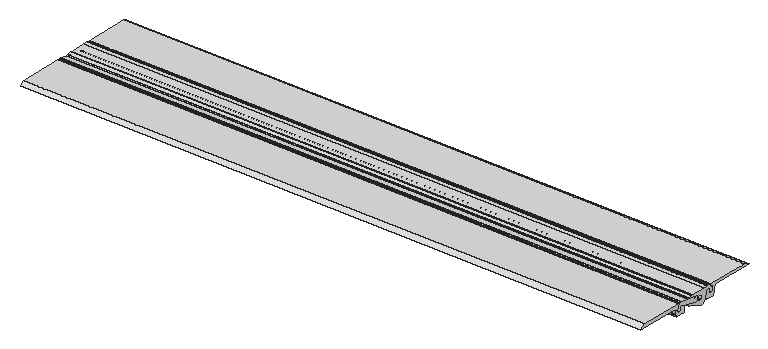
Revit family "Construction-Floors-Conecto-Aluminium Joints ALU AL.78.10", category Specialty Equipment, Revit 2015 (continued)
Definition of nested family "Rubber"
  Forms (mm)
    Extrusion 1, solid, material <- "PVC Material"
      sketch origin (0, 99.557, 5.899) x (0, 1, 0) y (0, 0, 1)
        loop
          line (-71.99, 1.148) -> (-72.284, 2.148) -> (-72.755, 3.089) -> (-73.343, 3.971) -> (-74.048, 4.735) -> (-74.872, 5.441) -> (-75.695, 6.029) -> (-76.636, 6.441) -> (-77.635, 6.794) -> (-78.635, 7.029) -> (-79.693, 7.088) -> (-85.868, 7.088) -> (-109.8, 7.088) -> (-112.799, 7.088) -> (-118.327, 6.088) -> (-119.094, 5.897) -> (-119.568, 5.126) -> (-118.856, 4.794) -> (-92.676, 0.226) -> (-91.986, -0.294) -> (-91.771, -1.097) -> (-92.652, -6.053) -> (-93.126, -6.874) -> (-93.865, -7.143) -> (-118.211, -2.782) -> (-117.948, -4.275) -> (-117.496, -5.244) -> (-116.885, -5.856) -> (-116.092, -6.143) -> (-94.943, -13.812) -> (-93.865, -14.081) -> (-92.983, -14.081) -> (-92.042, -14.081) -> (-91.16, -13.846) -> (-90.278, -13.552) -> (-89.455, -13.199) -> (-88.69, -12.67) -> (-88.043, -12.082) -> (-87.455, -11.376) -> (-86.926, -10.612) -> (-86.515, -9.789) -> (-86.221, -8.966) -> (-83.81, 0.149) -> (-83.376, 1.148) -> (-82.698, 2.097) -> (-81.385, 2.972) -> (-80.066, 3.265) -> (-78.639, 3.141) -> (-77.588, 2.694) -> (-76.778, 2.128) -> (-75.957, 1.037) -> (-75.598, -0.183) -> (-75.598, -1.598) -> (-75.874, -2.357) -> (-75.874, -3.145) -> (-75.086, -3.806) -> (-72.285, -3.312) -> (-71.889, -2.626) -> (-71.747, -1.821) -> (-71.696, -0.91) -> (-71.755, 0.09) -> (-71.99, 1.148)
      from 0 to 100
    Extrusion 2, solid, material <- "PVC Material"
      sketch origin (0, 99.557, 5.899) x (0, 1, 0) y (0, 0, 1)
        loop
          line (-102.817, -4.364) -> (-101.775, 1.512) -> (-102.48, 1.862) -> (-104.266, 2.144) -> (-104.389, 1.367) -> (-104.017, 0.637) -> (-104.427, -0.074) -> (-105.207, -0.327) -> (-105.98, -0.205) -> (-106.745, 0) -> (-107.333, 0.588) -> (-107.333, 1.606) -> (-106.469, 2.47) -> (-107.321, 2.621) -> (-131.878, 6.975) -> (-133.204, 7.088) -> (-134.262, 7.029) -> (-135.262, 6.794) -> (-136.262, 6.441) -> (-137.202, 6.029) -> (-138.084, 5.441) -> (-138.849, 4.735) -> (-139.554, 3.971) -> (-140.142, 3.089) -> (-140.613, 2.148) -> (-140.966, 1.148) -> (-141.142, 0.09) -> (-141.201, -0.91) -> (-141.142, -1.968) -> (-141.092, -2.863) -> (-140.319, -3.085) -> (-138.105, -3.577) -> (-137.328, -3.354) -> (-137.136, -2.582) -> (-137.355, -1.452) -> (-137.399, -0.659) -> (-137.259, 0.137) -> (-136.996, 0.945) -> (-136.566, 1.608) -> (-136.035, 2.218) -> (-135.37, 2.684) -> (-134.645, 3.038) -> (-133.851, 3.265) -> (-132.773, 3.265) -> (-132.001, 3.115) -> (-130.969, 2.677) -> (-124.649, -1.295) -> (-103.852, -4.955) -> (-102.958, -5.161) -> (-102.817, -4.364)
      from 0 to 100
  Dimensions and locks
    "Length": plane 3 "Center (Left/Right)" to plane 4
    aligned and locked: level to plane 2
    aligned and locked: Extrusion 1 to plane 4
    aligned and locked: Extrusion 2 to plane 4
  Automatic sketch dimensions
    level to Extrusion 1 sketch curve = 11.026 mm
    plane 1 "Center (Front/Back)" to Extrusion 1 sketch curve = 20.011 mm
    level to Extrusion 1 sketch curve = 11.796 mm
    Extrusion 1 sketch curve to Extrusion 1 sketch curve = 0.474 mm  (x2)
    level to Extrusion 1 sketch curve = 10.694 mm
    Extrusion 1 sketch curve to Extrusion 1 sketch curve = 0.712 mm
    level to Extrusion 1 sketch curve = 11.987 mm
    Extrusion 1 sketch curve to Extrusion 1 sketch curve = 0.767 mm
    level to Extrusion 1 sketch curve = 1.624 mm
    Extrusion 1 sketch curve to Extrusion 1 sketch curve = 0.908 mm
    level to Extrusion 1 sketch curve = 0.655 mm
    Extrusion 1 sketch curve to Extrusion 1 sketch curve = 0.452 mm
    level to Extrusion 1 sketch curve = 0.044 mm
    Extrusion 1 sketch curve to Extrusion 1 sketch curve = 0.612 mm
    Extrusion 1 sketch curve to level = 0.244 mm
    Extrusion 1 sketch curve to Extrusion 1 sketch curve = 0.792 mm
    level to Extrusion 1 sketch curve = 12.987 mm
    Extrusion 1 sketch curve to Extrusion 1 sketch curve = 5.527 mm
    Extrusion 1 sketch curve to Extrusion 1 sketch curve = 2.999 mm
    Extrusion 1 sketch curve to level = 7.912 mm
    Extrusion 1 sketch curve to Extrusion 1 sketch curve = 21.149 mm
    Extrusion 1 sketch curve to level = 8.182 mm
    Extrusion 1 sketch curve to Extrusion 1 sketch curve = 1.078 mm  (x2)
    Extrusion 1 sketch curve to level = 1.243 mm
    Extrusion 1 sketch curve to level = 0.974 mm
    Extrusion 1 sketch curve to Extrusion 1 sketch curve = 0.739 mm
    Extrusion 1 sketch curve to Extrusion 1 sketch curve = 0.882 mm  (x3)
    Extrusion 1 sketch curve to level = 0.153 mm
    Extrusion 1 sketch curve to Extrusion 1 sketch curve = 0.941 mm  (x2)
    level to Extrusion 1 sketch curve = 5.605 mm
    Extrusion 1 sketch curve to Extrusion 1 sketch curve = 0.666 mm
    level to Extrusion 1 sketch curve = 4.803 mm
    Extrusion 1 sketch curve to Extrusion 1 sketch curve = 0.215 mm
    Extrusion 1 sketch curve to level = 7.947 mm
    Extrusion 1 sketch curve to level = 7.653 mm
    Extrusion 1 sketch curve to level = 7.3 mm
    Extrusion 1 sketch curve to Extrusion 1 sketch curve = 0.823 mm  (x3)
    Extrusion 1 sketch curve to level = 6.771 mm
    Extrusion 1 sketch curve to Extrusion 1 sketch curve = 0.764 mm
    Extrusion 1 sketch curve to level = 6.183 mm
    Extrusion 1 sketch curve to Extrusion 1 sketch curve = 0.647 mm
    Extrusion 1 sketch curve to level = 5.477 mm
    Extrusion 1 sketch curve to Extrusion 1 sketch curve = 0.588 mm  (x2)
    Extrusion 1 sketch curve to level = 4.713 mm
    Extrusion 1 sketch curve to Extrusion 1 sketch curve = 0.529 mm
    Extrusion 1 sketch curve to level = 3.889 mm
    Extrusion 1 sketch curve to Extrusion 1 sketch curve = 0.412 mm
    Extrusion 1 sketch curve to level = 3.066 mm
    Extrusion 1 sketch curve to Extrusion 1 sketch curve = 0.294 mm  (x2)
    Extrusion 1 sketch curve to Extrusion 1 sketch curve = 6.118 mm
    level to Extrusion 1 sketch curve = 6.048 mm
    Extrusion 1 sketch curve to Extrusion 1 sketch curve = 2.058 mm
    level to Extrusion 1 sketch curve = 7.048 mm  (x2)
    Extrusion 1 sketch curve to Extrusion 1 sketch curve = 0.434 mm
    level to Extrusion 1 sketch curve = 7.996 mm
    Extrusion 1 sketch curve to Extrusion 1 sketch curve = 0.678 mm
    level to Extrusion 1 sketch curve = 8.872 mm
    Extrusion 1 sketch curve to Extrusion 1 sketch curve = 1.313 mm
    level to Extrusion 1 sketch curve = 9.165 mm
    Extrusion 1 sketch curve to Extrusion 1 sketch curve = 1.319 mm
    Extrusion 1 sketch curve to Extrusion 1 sketch curve = 0.373 mm
    level to Extrusion 1 sketch curve = 9.04 mm
    Extrusion 1 sketch curve to Extrusion 1 sketch curve = 1.427 mm
    level to Extrusion 1 sketch curve = 12.928 mm
    Extrusion 1 sketch curve to Extrusion 1 sketch curve = 1.058 mm
    level to Extrusion 1 sketch curve = 12.693 mm
    Extrusion 1 sketch curve to Extrusion 1 sketch curve = 1 mm  (x2)
    level to Extrusion 1 sketch curve = 8.594 mm
    Extrusion 1 sketch curve to Extrusion 1 sketch curve = 1.051 mm
    level to Extrusion 1 sketch curve = 8.027 mm
    Extrusion 1 sketch curve to Extrusion 1 sketch curve = 0.809 mm
    level to Extrusion 1 sketch curve = 12.34 mm
    level to Extrusion 1 sketch curve = 6.937 mm
    Extrusion 1 sketch curve to Extrusion 1 sketch curve = 0.822 mm
    Extrusion 1 sketch curve to Extrusion 1 sketch curve = 0.083 mm
    level to Extrusion 1 sketch curve = 11.929 mm
    level to Extrusion 1 sketch curve = 5.716 mm
    Extrusion 1 sketch curve to Extrusion 1 sketch curve = 0.359 mm
    level to Extrusion 1 sketch curve = 2.094 mm
    Extrusion 1 sketch curve to Extrusion 1 sketch curve = 0.788 mm  (x2)
    level to Extrusion 1 sketch curve = 11.341 mm
    level to Extrusion 1 sketch curve = 10.635 mm
    level to Extrusion 1 sketch curve = 9.87 mm
    Extrusion 1 sketch curve to Extrusion 1 sketch curve = 0.706 mm
    level to Extrusion 1 sketch curve = 8.988 mm
    level to Extrusion 1 sketch curve = 2.588 mm
    Extrusion 1 sketch curve to Extrusion 1 sketch curve = 2.801 mm
    level to Extrusion 1 sketch curve = 8.048 mm
    Extrusion 1 sketch curve to Extrusion 1 sketch curve = 0.47 mm
    level to Extrusion 1 sketch curve = 3.273 mm
    Extrusion 1 sketch curve to Extrusion 1 sketch curve = 0.396 mm
    level to Extrusion 1 sketch curve = 5.99 mm
    Extrusion 1 sketch curve to Extrusion 1 sketch curve = 0.235 mm
    level to Extrusion 1 sketch curve = 4.078 mm
    Extrusion 1 sketch curve to Extrusion 1 sketch curve = 0.142 mm
    level to Extrusion 1 sketch curve = 4.99 mm
    Extrusion 1 sketch curve to Extrusion 1 sketch curve = 0.051 mm
    Extrusion 1 sketch curve to Extrusion 1 sketch curve = 0.661 mm
    Extrusion 1 sketch curve to Extrusion 1 sketch curve = 0.759 mm
    level to Extrusion 1 sketch curve = 3.117 mm
    Extrusion 1 sketch curve to Extrusion 1 sketch curve = 0.263 mm
    level to Extrusion 1 sketch curve = 6.125 mm
    Extrusion 1 sketch curve to Extrusion 1 sketch curve = 0.69 mm
    level to Extrusion 2 sketch curve = 5.899 mm
    level to Extrusion 2 sketch curve = 4.99 mm
    plane 1 "Center (Front/Back)" to Extrusion 2 sketch curve = 41.644 mm
    level to Extrusion 2 sketch curve = 3.931 mm
    Extrusion 2 sketch curve to Extrusion 2 sketch curve = 0.059 mm  (x2)
    level to Extrusion 2 sketch curve = 5.99 mm
    level to Extrusion 2 sketch curve = 3.036 mm
    Extrusion 2 sketch curve to Extrusion 2 sketch curve = 0.05 mm
    level to Extrusion 2 sketch curve = 7.048 mm
    Extrusion 2 sketch curve to Extrusion 2 sketch curve = 0.176 mm
    level to Extrusion 2 sketch curve = 8.048 mm
    Extrusion 2 sketch curve to Extrusion 2 sketch curve = 0.353 mm
    level to Extrusion 2 sketch curve = 2.814 mm
    Extrusion 2 sketch curve to Extrusion 2 sketch curve = 0.773 mm  (x2)
    level to Extrusion 2 sketch curve = 8.988 mm
    Extrusion 2 sketch curve to Extrusion 2 sketch curve = 0.47 mm
    level to Extrusion 2 sketch curve = 9.87 mm
    Extrusion 2 sketch curve to Extrusion 2 sketch curve = 0.588 mm  (x2)
    level to Extrusion 2 sketch curve = 10.635 mm
    Extrusion 2 sketch curve to Extrusion 2 sketch curve = 0.706 mm  (x2)
    level to Extrusion 2 sketch curve = 2.322 mm
    Extrusion 2 sketch curve to Extrusion 2 sketch curve = 2.213 mm
    level to Extrusion 2 sketch curve = 11.341 mm
    Extrusion 2 sketch curve to Extrusion 2 sketch curve = 0.764 mm
    level to Extrusion 2 sketch curve = 5.24 mm
    level to Extrusion 2 sketch curve = 4.448 mm
    Extrusion 2 sketch curve to Extrusion 2 sketch curve = 0.044 mm
    level to Extrusion 2 sketch curve = 2.545 mm
    Extrusion 2 sketch curve to Extrusion 2 sketch curve = 0.777 mm
    level to Extrusion 2 sketch curve = 6.036 mm
    Extrusion 2 sketch curve to Extrusion 2 sketch curve = 0.14 mm  (x2)
    level to Extrusion 2 sketch curve = 11.929 mm
    Extrusion 2 sketch curve to Extrusion 2 sketch curve = 0.882 mm
    level to Extrusion 2 sketch curve = 3.317 mm
    Extrusion 2 sketch curve to Extrusion 2 sketch curve = 0.192 mm
    level to Extrusion 2 sketch curve = 6.844 mm
    Extrusion 2 sketch curve to Extrusion 2 sketch curve = 0.262 mm
    level to Extrusion 2 sketch curve = 7.508 mm
    Extrusion 2 sketch curve to Extrusion 2 sketch curve = 0.431 mm
    level to Extrusion 2 sketch curve = 12.34 mm
    Extrusion 2 sketch curve to Extrusion 2 sketch curve = 0.941 mm
    level to Extrusion 2 sketch curve = 8.118 mm
    Extrusion 2 sketch curve to Extrusion 2 sketch curve = 0.53 mm
    level to Extrusion 2 sketch curve = 8.583 mm
    Extrusion 2 sketch curve to Extrusion 2 sketch curve = 0.665 mm
    level to Extrusion 2 sketch curve = 12.693 mm
    Extrusion 2 sketch curve to Extrusion 2 sketch curve = 1 mm  (x2)
    level to Extrusion 2 sketch curve = 8.937 mm
    Extrusion 2 sketch curve to Extrusion 2 sketch curve = 0.726 mm
    level to Extrusion 2 sketch curve = 12.928 mm
    level to Extrusion 2 sketch curve = 9.165 mm
    Extrusion 2 sketch curve to Extrusion 2 sketch curve = 0.794 mm
    level to Extrusion 2 sketch curve = 12.987 mm
    Extrusion 2 sketch curve to Extrusion 2 sketch curve = 1.058 mm
    Extrusion 2 sketch curve to Extrusion 2 sketch curve = 1.078 mm
    level to Extrusion 2 sketch curve = 9.015 mm
    Extrusion 2 sketch curve to Extrusion 2 sketch curve = 0.772 mm
    level to Extrusion 2 sketch curve = 8.577 mm
    Extrusion 2 sketch curve to Extrusion 2 sketch curve = 1.032 mm
    level to Extrusion 2 sketch curve = 4.604 mm
    Extrusion 2 sketch curve to Extrusion 2 sketch curve = 6.32 mm
    level to Extrusion 2 sketch curve = 6.487 mm
    Extrusion 2 sketch curve to Extrusion 2 sketch curve = 17.317 mm
    level to Extrusion 2 sketch curve = 8.52 mm
    Extrusion 2 sketch curve to Extrusion 2 sketch curve = 0.011 mm
    level to Extrusion 2 sketch curve = 8.369 mm
    Extrusion 2 sketch curve to Extrusion 2 sketch curve = 0.852 mm
    level to Extrusion 2 sketch curve = 5.694 mm
    Extrusion 2 sketch curve to Extrusion 2 sketch curve = 0.765 mm
    level to Extrusion 2 sketch curve = 5.572 mm
    level to Extrusion 2 sketch curve = 5.826 mm
    Extrusion 2 sketch curve to Extrusion 2 sketch curve = 0.78 mm
    level to Extrusion 2 sketch curve = 7.266 mm
    Extrusion 2 sketch curve to Extrusion 2 sketch curve = 0.038 mm
    level to Extrusion 2 sketch curve = 8.043 mm
    Extrusion 2 sketch curve to Extrusion 2 sketch curve = 0.123 mm
    level to Extrusion 2 sketch curve = 6.536 mm
    Extrusion 2 sketch curve to Extrusion 2 sketch curve = 0.372 mm
    level to Extrusion 2 sketch curve = 0.944 mm
    Extrusion 2 sketch curve to Extrusion 2 sketch curve = 1.355 mm
    level to Extrusion 2 sketch curve = 0.738 mm
    Extrusion 2 sketch curve to Extrusion 2 sketch curve = 0.894 mm
    level to Extrusion 2 sketch curve = 1.536 mm
    level to Extrusion 2 sketch curve = 7.761 mm
    level to Extrusion 2 sketch curve = 7.411 mm
    Extrusion 2 sketch curve to Extrusion 2 sketch curve = 0.705 mm
    Extrusion 2 sketch curve to Extrusion 2 sketch curve = 1.015 mm
    level to Extrusion 2 sketch curve = 12.874 mm
    Extrusion 2 sketch curve to Extrusion 2 sketch curve = 1.326 mm
Types (20, lengths in mm): name | Rubber Level | N CV | N | Length (mm) | built-in parameter 1001306 | 97 CV | 97 | .87 CV | .87 | .77 CV | .77 | .62 | .52 CV | .52 | 42 CV | 42 | .30 CV | .30 | .22 | .15 CV | .15 | #CONST_.20-70
  Aluminium Joints ALU AL.78.10.22 CV | 0 | no | yes | 1000 | 1000 | no | no | no | no | no | no | no | no | no | no | no | no | no | no | no | no | 70
  Aluminium Joints ALU AL.78.10.42 CV | 0 | no | no | 1000 | 1000 | no | no | no | no | no | no | no | no | no | yes | no | no | no | no | no | no | 30
  Aluminium Joints ALU AL.78.10.87 CV | 0 | no | no | 1000 | 1000 | no | no | yes | no | no | no | no | no | no | no | no | no | no | no | no | no | 50
  Aluminium Joints ALU AL.78.10.15 | 0 | no | no | 1000 | 1000 | no | no | no | no | no | no | no | no | no | no | no | no | no | no | no | yes | 60
  Aluminium Joints ALU AL.78.10.52 | 0 | no | no | 1000 | 1000 | no | no | no | no | no | no | no | no | yes | no | no | no | no | no | no | no | 70
  Aluminium Joints ALU AL.78.10.62 CV | 0 | no | yes | 1000 | 1000 | no | no | no | no | no | no | no | no | no | no | no | no | no | no | no | no | 70
  Aluminium Joints ALU AL.78.10.30 | 0 | no | no | 1000 | 1000 | no | no | no | no | no | no | no | no | no | no | no | no | yes | no | no | no | 70
  Aluminium Joints ALU AL.78.10.62 | 0 | no | no | 1000 | 1000 | no | no | no | no | no | no | yes | no | no | no | no | no | no | no | no | no | 50
  Aluminium Joints ALU AL.78.10.87 | 0 | no | no | 1000 | 1000 | no | no | no | yes | no | no | no | no | no | no | no | no | no | no | no | no | 70
  Aluminium Joints ALU AL.78.10 N CV | 4.5 | yes | no | 1000 | 1000 | no | no | no | no | no | no | no | no | no | no | no | no | no | no | no | no | 70
  Aluminium Joints ALU AL.78.10.77 | 0 | no | no | 1000 | 1000 | no | no | no | no | no | yes | no | no | no | no | no | no | no | no | no | no | 70
  Aluminium Joints ALU AL.78.10 N | 4.5 | no | yes | 1000 | 1000 | no | no | no | no | no | no | no | no | no | no | no | no | no | no | no | no | 70
  Aluminium Joints ALU AL.78.10.77 CV | 0 | no | no | 1000 | 1000 | no | no | no | no | yes | no | no | no | no | no | no | no | no | no | no | no | 70
  Aluminium Joints ALU AL.78.10.97 | 0 | no | no | 1000 | 1000 | no | yes | no | no | no | no | no | no | no | no | no | no | no | no | no | no | 70
  Aluminium Joints ALU AL.78.10.15 CV | 0 | no | no | 1000 | 1000 | no | no | no | no | no | no | no | no | no | no | no | no | no | no | yes | no | 70
  Aluminium Joints ALU AL.78.10.30 CV | 0 | no | no | 1000 | 1000 | no | no | no | no | no | no | no | no | no | no | no | yes | no | no | no | no | 20
  Aluminium Joints ALU AL.78.10.52 CV | 0 | no | no | 1000 | 1000 | no | no | no | no | no | no | no | yes | no | no | no | no | no | no | no | no | 30
  Aluminium Joints ALU AL.78.10.97 CV | 0 | no | no | 100 | 100 | yes | no | no | no | no | no | no | no | no | no | no | no | no | no | no | no | 50
  Aluminium Joints ALU AL.78.10.22 | 0 | no | no | 1000 | 1000 | no | no | no | no | no | no | no | no | no | no | no | no | no | yes | no | no | 60
  Aluminium Joints ALU AL.78.10.42 | 0 | no | no | 1000 | 1000 | no | no | no | no | no | no | no | no | no | no | yes | no | no | no | no | no | 70
